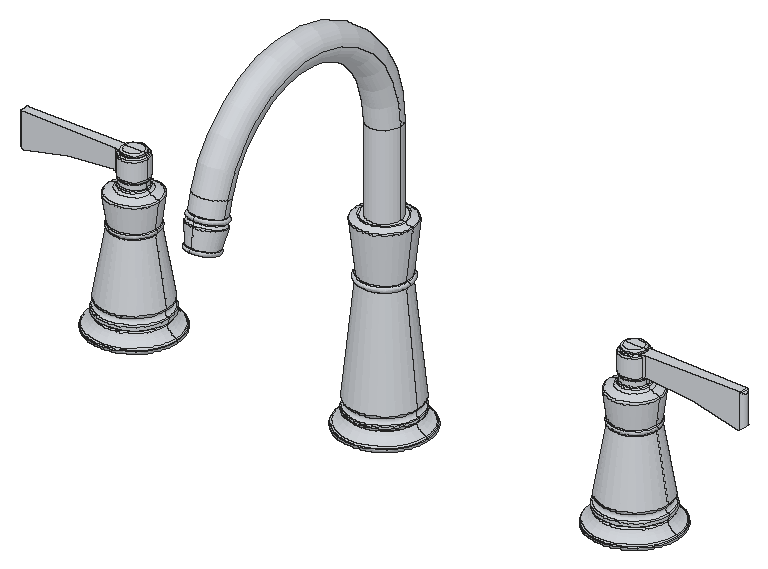
Revit family "Faucet-Deck_Mount-Bath-KOHLER-ARCHER-K-7501T", category Plumbing Fixtures, host Face, Revit 2017 (continued)
Definition of nested family "K-7501T-Handel"
  Lines and regions (in)
    symbolic lines, detail levels medium+fine
      curve 97: arc (0, 0.20548, 4.80463) -> (0, 0.19789, 4.85001) -> (0, 0.17593, 4.89045) r 0.1394
      curve 98: arc (0, 0.13218, 4.94645) -> (0, 0.12371, 4.95433) -> (0, 0.1132, 4.95918) r 0.03667
      curve 99: line (0, 0.20548, 4.80463) -> (0, 0.20548, 4.37225)
      curve 100: line (0, 0.13864, 4.00648) -> (0, 0.16973, 4.30229)
      curve 101: arc (0, 0.16973, 4.30229) -> (0, 0.1811, 4.34059) -> (0, 0.20548, 4.37225) r 0.1093
      curve 102: line (0, 0.16573, 4.26426) -> (0, 0.41211, 4.26426)
      curve 103: line (0, -0.41717, 4.03477) -> (0, -0.14161, 4.03477)
      curve 104: line (0, -0.39694, 4.22607) -> (0, -0.16172, 4.22607)
      curve 105: line (0, -0.42787, 4.30229) -> (0, -0.16973, 4.30229)
      curve 106: line (0, -0.13891, 4.00905) -> (0, -0.43759, 4.00905)
      curve 107: line (0, -0.14605, 4.07702) -> (0, -0.39694, 4.07702)
      curve 108: line (0, -0.17593, 4.89045) -> (0, -0.13218, 4.94645)
      curve 109: arc (0, -0.20548, 4.80463) -> (0, -0.19789, 4.85001) -> (0, -0.17593, 4.89045) r 0.1394
      curve 110: arc (0, -0.13218, 4.94645) -> (0, -0.12371, 4.95433) -> (0, -0.1132, 4.95918) r 0.03667
      curve 111: line (0, -0.20548, 4.80463) -> (0, -0.20548, 4.37225)
      curve 112: line (0, -0.13891, 4.00905) -> (0, -0.16973, 4.30229)
      curve 113: arc (0, -0.16973, 4.30229) -> (0, -0.1811, 4.34059) -> (0, -0.20548, 4.37225) r 0.1093
      curve 114: line (0, -0.16573, 4.26426) -> (0, -0.41211, 4.26426)
      curve 115: line (-0.33998, 0, 4.97506) -> (0.33998, 0, 4.97506)
      curve 116: line (-3.40854, 0.13288, 0) -> (-3.40854, 0.04029, 0)
      curve 117: circle (0, 0, 0) r 0.2893 normal (0, 0, 1)
      curve 118: circle (0, 0, 0) r 0.34099 normal (0, 0, 1)
      curve 119: arc (-0.77299, -0.17889, 0) -> (0.79342, 0, 0) -> (-0.77299, 0.17889, 0) r 0.79342
      curve 120: arc (-1.30239, -0.16965, 0) -> (1.3134, 0, 0) -> (-1.30239, 0.16965, 0) r 1.3134
      curve 121: arc (-1.33029, -0.16916, 0) -> (1.341, 0, 0) -> (-1.33029, 0.16916, 0) r 1.341
      curve 122: line (-1.34773, 0.16885, 0) -> (-0.46013, 0.18435, 0)
      curve 123: arc (-0.47983, -0.184, 0) -> (0.5139, 0, 0) -> (-0.47983, 0.184, 0) r 0.5139
      curve 124: arc (-0.36972, -0.23503, 0) -> (0.43811, 0, 0) -> (-0.36972, 0.23503, 0) r 0.43811
      curve 125: arc (-0.28696, -0.19643, 0) -> (0.34775, 0, 0) -> (-0.28696, 0.19643, 0) r 0.34775
      curve 126: arc (-0.32724, -0.21889, 0) -> (0.3937, 0, 0) -> (-0.32724, 0.21889, 0) r 0.3937
      curve 127: line (-1.34773, -0.16885, 0) -> (-0.46013, -0.18435, 0)
      curve 128: line (-3.40576, 0.09099, 0) -> (-0.46771, 0.14227, 0)
      curve 129: line (-3.40772, 0.04031, 0) -> (-0.48657, 0.08904, 0)
      curve 130: arc (-0.48657, 0.08904, 0) -> (-0.37371, 0.11847, 0) -> (-0.28696, 0.19643, 0) r 0.24689
      curve 131: arc (-0.46771, 0.14227, 0) -> (-0.38806, 0.16333, 0) -> (-0.32724, 0.21889, 0) r 0.17263
      curve 132: arc (-0.46013, 0.18435, 0) -> (-0.40854, 0.1983, 0) -> (-0.36972, 0.23503, 0) r 0.10939
      curve 133: line (-3.40576, -0.09099, 0) -> (-0.46771, -0.14227, 0)
      curve 134: line (-3.40772, -0.04031, 0) -> (-0.48657, -0.08904, 0)
      curve 135: arc (-0.48657, -0.08904, 0) -> (-0.37371, -0.11847, 0) -> (-0.28696, -0.19643, 0) r 0.24689
      curve 136: arc (-0.46771, -0.14227, 0) -> (-0.38806, -0.16333, 0) -> (-0.32724, -0.21889, 0) r 0.17263
      curve 137: arc (-0.46013, -0.18435, 0) -> (-0.40854, -0.1983, 0) -> (-0.36972, -0.23503, 0) r 0.10939
      curve 138: line (-3.40854, -0.04029, 0) -> (-3.40854, -0.13175, 0)
      curve 139: arc (-3.40772, -0.04031, 0) -> (-3.44737, 0, 0) -> (-3.40772, 0.04031, 0) r 0.04031
      curve 140: arc (-3.40576, 0.09099, 0) -> (-3.49518, 0, 0) -> (-3.40576, -0.09099, 0) r 0.091
      curve 141: arc (-0.74742, -0.17933, 0) -> (0.76863, 0, 0) -> (-0.74742, 0.17933, 0) r 0.76863
      curve 142: arc (-1.02064, -0.17456, 0) -> (1.03546, 0, 0) -> (-1.02064, 0.17456, 0) r 1.03546
  Dimensions and locks (in)
    locked: plane 5 to level at 5.03937
    locked: plane 3 "Center (Left/Right)" to plane 6 at 3.54331
    aligned and locked: plane 2 to level
Types (4): name | Width | Type | Product Page URL | Model | Finish | Faucet Hole Spacing
  (no name) | 15.74803" | 1 | "https://www.kohler.com.cn/product/K-7501T-4-CP/K-7501T-4-CP/" | "K-7501T-4-CP" | Kohler-Metal-CP-Polished_Chrome | 15.74803"
  CP-Polished Chrome | 15.74803" | 1 | "https://www.kohler.com.cn/product/K-7501T-4-CP/K-7501T-4-CP/" | "K-7501T-4-CP" | Kohler-Metal-CP-Polished_Chrome | 15.74803"
  AF-Flange Gold | 7.87402" | 2 | "https://www.kohler.com.cn/product/K-7501T-4-CP/K-7501T-4-AF/" | "K-7501T-4-AF" | Kohler-Metal-AF-Vibrant_French_Gold | 7.87402"
  BN-Roman Silver | 7.87402" | 3 | "https://www.kohler.com.cn/product/K-7501T-4-CP/K-7501T-4-BN/" | "K-7501T-4-BN" | Kohler-Metal-BN-Vibrant_Brushed_Nickel | 7.87402"
